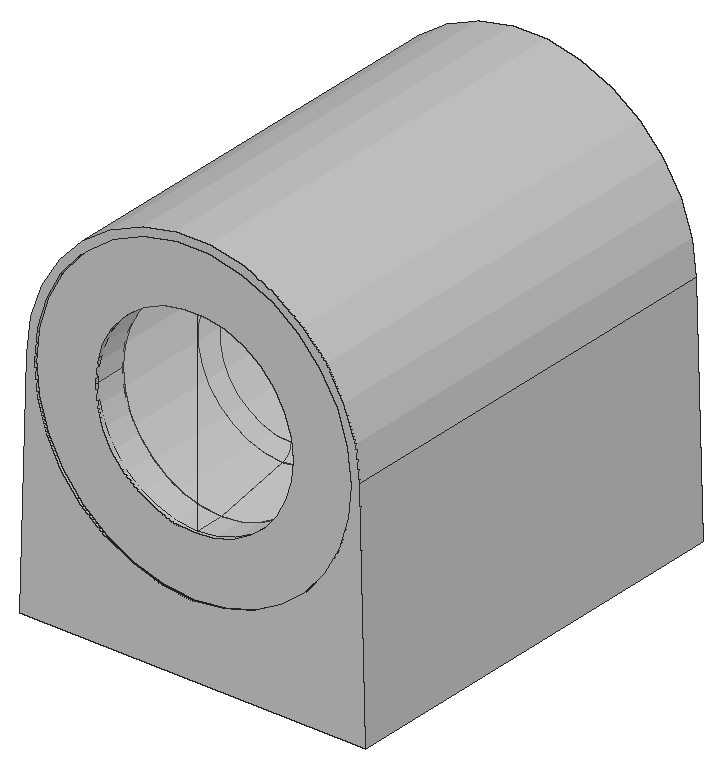
Revit family "Lighting_Outside_Nordlux_Canto-2_2", category Lighting Fixtures, host Face, Revit 2017
Family settings
  Host = Face
  Round Connector Dimension = Use Diameter
  Part Type = Normal
  OmniClass Number = 23.80.70.00
  OmniClass Title = Lighting
  Cut with Voids When Loaded = No
  Light Source = Yes
  Shared = No
  Room Calculation Point = No
Parameters (values of type "Canto 2 - stainless steel")
  Wattage = 3.36605 W
  WarrantyStartDate [instance] = "n/a"
  WarrantyGuarantorParts = "n/a"
  WarrantyGuarantorLabor = "n/a"
  WarrantyDurationUnit = "Hours"
  WarrantyDurationParts = "n/a"
  WarrantyDurationLabor = "n/a"
  WarrantyDescription = "n/a"
  built-in parameter 1150110 = 1 (stored number, unit not read)
  VersionDate = "30/08/2019"  # constant formula
  Version = "1"  # constant formula
  UsageCurrent = 0 A
  Uniclass2015Reference = "Pr_70_70_48_85"
  Uniclass2015Description = "Surface luminaires"
  Uniclass2 = "Pr_70_70_48_85"
  URL = "https://www.nordlux.com/products/product/49701034"
  Type Comments = ""
  TotalWattage = 6 W
  built-in parameter 1114217 = 1 (stored number, unit not read)
  Tilt Angle = 90.00°
  built-in parameter 1150109 = 1 (stored number, unit not read)
  built-in parameter 1150134 = (empty or 0)
  TagNumber [instance] = "n/a"
  SustainabilityPerformance = "n/a"
  built-in parameter 1150113 = 1 (stored number, unit not read)
  Socket = "LED Modul"
  Size = "85x105x100 mm"
  Shape = "Sculptured"
  SerialNumber [instance] = "n/a"
  Revision = "n/a"
  ReplacementCost = "n/a"
  RA = "80"
  ProductInformation = "Whether Canto 2.0 is placed indoors or outdoors, the lamp offers a unique lighting experience. The minimalist design makes the lamp both decorative and sculptural. The light flows both up and down, and with the three included pattern inserts, it is possible to change the light image according to desire and personal style."
  Product data url = "https://www.bimobject.com/nordlux/product/canto_2_wall"
  Photometric Web File = "7757 Canto Væg Hvid No mask.ies"
  PhaseReference = "n/a"
  PhaseAngle = 0.00°
  NumberOfSources = 0
  NumberOfPoles = 1
  built-in parameter 1150142 = "IESNA:LM-63-2002\r\n[TEST] Viso LabSpion - serial: 3247052577 sensor serial: 0408532695\r\n[TESTLAB] Viso LabSpion - serial: 3247052577 sensor serial: 0408532695 - Test lab\r\n[MANUFAC] Nordlux\r\n[ISSUEDATE] 04-06-2019\r\n[LUMINAIRE] 7757 Canto Væg Hvid No mask\r\n[LUMCAT] B2019137A\r\n[_SERIALNUMBER] VFR-190604-0342-MS\r\nTILT=NONE\r\n1 507 1 49 1 1 2 -0.05 -0.05 0.105\r\n1.0 1.0 9.28\r\n0 3.75 7.5 11.25 15 18.75 22.5 26.25 30 33.75 37.5 41.25 45 48.75 52.5 56.25 60 63.75 67.5 71.25 75 78.75 82.5 86.25 90 93.75 97.5 101.25 105 108.75 112.5 116.25 120 123.75 127.5 131.25 135 138.75 142.5 146.25 150 153.75 157.5 161.25\r\n 165 168.75 172.5 176.25 180\r\n0 \r\n137.5617 138.3003 139.3907 140.1546 140.0881 138.9877 139.8895 140.8041 140.1714 136.2723 117.5227 68.3958 33.6652 25.4271 19.3237 14.0922 10.4129 7.721 5.7489 4.3082 3.0718 1.8315 0.8048 0.4256 0.3665 0.41 0.8153 1.8892 3.1271 4.3138\r\n 5.7528 7.7601 10.4936 14.2345 19.4691 25.452 33.4808 66.2417 119.3705 136.4231 140.4421 141.0138 139.9872 139.2221 139.8901 139.9871 139.3014 138.4043 137.5617\r\n"
  NominalWidth = 87.1 mm
  NominalVoltageCalc = 0 V
  NominalVoltage = 230 V
  NominalLength = 106 mm
  NominalHeight = 100 mm
  NominalFrequencyRange = 50 Hz
  NominalCurrent = 0 A
  Name = "Nordlux_Canto-2_2"
  NBSReference = "90-60-50/405"
  NBSDescription = "General purpose luminaires"
  ModelReference = ArticleNumber  # "49701034"
  ModelNumber = "n/a"
  Model = "Canto 2 - stainless steel"
  Material = "Steel"
  ManufacturersSpecificInformation = "n/a"
  ManufacturerURL = "https://www.nordlux.com/"
  ManufacturerName = "Nordlux"
  Manufacturer = "Nordlux"
  MaintenanceFactor = 0
  built-in parameter 1150105 = 39.789 (stored number, unit not read)
  Lumens = 500 lm
  built-in parameter 1150115 = 1 (stored number, unit not read)
  LightSource = "Included"
  LightFixturePlacingType = "Wall"
  LightFixtureMountingType = "Surface"
  LightFixtureMainMaterial = Stainless steel
  built-in parameter 1150137 = (empty or 0)
  built-in parameter 1150139 = (empty or 0)
  LensMaterial = Glass
  built-in parameter 1150112 = 1 (stored number, unit not read)
  built-in parameter 1150114 = 1 (stored number, unit not read)
  InsulationStandardClass = "Class 1 (Earth contact)"
  InstallationDate [instance] = "n/a"
  built-in parameter 1150132 = 2
  built-in parameter 1150102 = (empty or 0)
  built-in parameter 1150107 = 2700 (stored number, unit not read)
  built-in parameter 1150138 = (empty or 0)
  built-in parameter 1150106 = 0.39789 (stored number, unit not read)
  IfcExportType = "NOTDEFINED"  # constant formula
  IfcExportAs = "IfcLightFixtureType"  # constant formula
  IP_Code = "IP44"
  HasProtectiveEarth = no
  Grade = "n/a"
  Finish = "n/a"
  Features = "Parallel connection possible"
  ExpectedLife = "25000"
  EnergyClass = "A+"
  Emit from Circle Diameter = 50 mm
  Emit Shape Visible in Rendering = no
  ElectricalDeviceNominalPower = 0
  built-in parameter 1150104 = 13.8 (stored number, unit not read)
  EANNumber = "5701581482784"
  DurationUnit = "Hours"
  Dimming Lamp Color Temperature Shift = <None>
  Designer = "Bonnelycke MDD"
  Description = "Whether Canto 2.0 is placed indoors or outdoors, the lamp offers a unique lighting experience. The minimalist design makes the lamp both decorative and sculptural. The light flows both up and down, and with the three included pattern inserts, it is possible to change the light image according to desire and personal style."
  Default Elevation = 0 mm
  ConvergoRefNr = "0143-1909-0045-DK"
  Constituents = "n/a"
  Color Filter = 16777215
  Color = "Grey"
  CodePerformance = "n/a"
  Category = "Outdoor lighting"
  Brand = "Nordlux"
  Barcode [instance] = "n/a"
  built-in parameter 1114218 = 1 (stored number, unit not read)
  BIMObjectName = "Lighting_Outside_Nordlux_Canto-2_2"
  Author = "Convergo AB"  # constant formula
  built-in parameter 1150133 = 10 (stored number, unit not read)
  AssetType = "Fixed"
  AssetIdentifier [instance] = "n/a"
  ArticleNumber = "49701034"
  AccessibilityPerformance = "n/a"
Types (7, lengths in mm): name | URL | ModelReference | Model | Material | LightFixtureMainMaterial | Finish | EANNumber | Color | ArticleNumber
  (no name) | "https://www.nordlux.com/products/product/49701034" | "49701034" | "Canto 2 - stainless steel" | "Steel" | Stainless steel | "n/a" | "5701581482784" | "Grey" | "49701034"
  Canto 2 - black | "https://www.nordlux.com/products/product/49701003" | "49701003" | "Canto 2 - black" | "Aluminium" | Black | "n/a" | "5701581482487" | "Black" | "49701003"
  Canto 2 - white | "https://www.nordlux.com/products/product/49701001" | "49701001" | "Canto 2 - white" | "Aluminium" | White | "n/a" | "5701581482388" | "White" | "49701001"
  Canto 2 - brass | "https://www.nordlux.com/products/product/49701035" | "49701035" | "Canto 2 - brass" | "Brass" | Brass | "n/a" | "5701581482883" | "Brass" | "49701035"
  Canto 2 - stainless steel | "https://www.nordlux.com/products/product/49701034" | "49701034" | "Canto 2 - stainless steel" | "Steel" | Stainless steel | "n/a" | "5701581482784" | "Grey" | "49701034"
  Canto 2 - galvanized steel | "https://www.nordlux.com/products/product/49701031" | "49701031" | "Canto 2 - galvaznied steel" | "Steel" | Steel, Galvanized | "Galvanized steel" | "5701581482685" | "Grey" | "49701031"
  Canto 2 - grey | "https://www.nordlux.com/products/product/49701010" | "49701010" | "Canto 2 - grey" | "Aluminium" | Grey | "n/a" | "5701581482586" | "Grey" | "49701010"
Reference planes
  plane 1 "Center (Front/Back)": y = 0
  plane 2: z = 0
  plane 3 "Center (Left/Right)": x = 0
  plane 4: y = 53
  plane 5: y = -53
  plane 6: z = 100
  plane 7: x = 43.55
  plane 8: x = -43.55
Dimensions and locks
  equal spacing: plane 8, plane 3 "Center (Left/Right)", plane 7
  equal spacing: plane 4, plane 1 "Center (Front/Back)", plane 5
  "NominalLength": plane 4 to plane 5
  "NominalWidth": plane 8 to plane 7
  "NominalHeight": plane 6 to level
  aligned and locked: plane 2 to host face
  aligned and locked: level to host face
Automatic sketch dimensions
  host sketch curve to host sketch curve = 2438.4 mm  (x2)
Nested families
  nested 1: "Canto 2" at (0, 0, 0), Main <- "LightFixtureMainMaterial", type "Canto 2"
    with Main Stainless steel
Connectors
  electrical at (0, 0, 0.001), driven by "NominalVoltage"
    settings: on nested 1, index 1, voltage 230 V, apparent load 0 VA, apparent load phase1 0 VA, apparent load phase2 0 VA, apparent load phase3 0 VA, power factor 1, load classification "Other", number of poles 1, system type 31, power factor state 1, is connector primary yes, connector utility no, sub classification motor no, connector description ""
Definition of nested family "Canto 2"
  Parameters (values of type "Canto 2")
    Main [instance] = none
    Default Elevation = 1219.2 mm
  Reference planes
    plane 1 "Center (Front/Back)": y = 0
    plane 2: z = 0
    plane 3 "Center (Left/Right)": x = 0
    plane 4: x = -43.519
    plane 5: x = 43.519
    plane 6: z = 100
    plane 7: y = -53
    plane 8: y = 53
  Forms (mm)
    Extrusion 1, solid
      sketch origin (0, 0, 0) x (1, 0, 0) y (0, 1, 0)
        loop
          line (-1219.2, 1219.2) -> (-1219.2, -1219.2) -> (1219.2, -1219.2) -> (1219.2, 1219.2) -> (-1219.2, 1219.2)
      from 0 to -304.8
    Extrusion 2, solid, material <- "Main", detail levels medium+fine
      sketch origin (0, 0, 0) x (1, 0, 0) y (0, 0, 1)
        loop
          line (-42.011, 59.075) -> (-43.558, 0.001) -> (43.558, 0.001) -> (42.011, 59.075)
          arc (42.011, 59.075) -> (0, 100) -> (-42.011, 59.075) r 42.026
        loop
          circle (0, 58.024) r 39.948
      from -53 to 53
    Extrusion 3, solid, material <- "Main", detail levels medium+fine
      sketch origin (0, 0, 0) x (1, 0, 0) y (0, 0, 1)
        loop
          circle (0, 58.024) r 39.948
        loop
          circle (0, 58.024) r 25
      from 43.999 to 52.5
    Extrusion 4, solid, material <- "Main", detail levels medium+fine
      sketch origin (0, 0, 0) x (1, 0, 0) y (0, 0, -1)
        loop
          circle (0, -58.024) r 39.948
        loop
          circle (0, -58.024) r 25
      from 43.999 to 52.5
    Revolve 5, solid, detail levels medium+fine
      sketch origin (0, 0, 0) x (0, 1, 0) y (0, 0, 1)
        loop
          arc (-22, 76.039) -> (-22.751, 78.129) -> (-24.659, 79.265) r 3.286
          line (-24.659, 79.265) -> (-43.999, 83.024) -> (-51.522, 83.024) -> (-51.522, 58.024) -> (-22, 58.024) -> (-22, 76.039)
        axis (-51.522, 58.024) -> (-22, 58.024)
      angle from 0 to 360
    Revolve 6, solid, detail levels medium+fine
      sketch origin (0, 0, 0) x (0, -1, 0) y (0, 0, 1)
        loop
          arc (-22, 76.039) -> (-22.751, 78.129) -> (-24.659, 79.265) r 3.286
          line (-24.659, 79.265) -> (-43.999, 83.024) -> (-51.522, 83.024) -> (-51.522, 58.024) -> (-22, 58.024) -> (-22, 76.039)
        axis (-51.522, 58.024) -> (-22, 58.024)
      angle from 0 to 360
    Extrusion 7, solid, material <- "Main", detail levels coarse
      sketch origin (0, 0, 0) x (1, 0, 0) y (0, 1, 0)
        loop
          line (-43.558, 53) -> (-43.558, -53) -> (43.558, -53) -> (43.558, 53) -> (-43.558, 53)
      from 0 to 100
  Lines and regions (mm)
    symbolic lines, detail levels medium+fine
      curve 1: line (-43.519, 53, 0) -> (43.519, 53, 0)
      curve 2: line (-43.519, -53, 0) -> (-43.519, 53, 0)
      curve 3: line (43.519, -53, 0) -> (-43.519, -53, 0)
      curve 4: line (43.519, 53, 0) -> (43.519, -53, 0)
      curve 5: line (0, 53, 100) -> (0, -53, 100)
      curve 6: line (0, 53, 0) -> (0, 53, 100)
      curve 7: line (0, -53, 0) -> (0, 53, 0)
      curve 8: line (0, -53, 100) -> (0, -53, 0)
      curve 9: line (-42.011, 0, 59.075) -> (-43.558, 0, 0.001)
      curve 10: line (43.558, 0, 0.001) -> (42.011, 0, 59.075)
      curve 11: arc (42.011, 0, 59.075) -> (0, 0, 100) -> (-42.011, 0, 59.075) r 42.026
    symbolic lines, detail levels fine
      curve 12: circle (0, 0, 58.024) r 25 normal (0, -1, 0)
      curve 13: circle (0, 0, 58.024) r 39.948 normal (0, -1, 0)
  Dimensions and locks
    aligned and locked: plane 2 to Extrusion 1
    aligned and locked: level to Extrusion 1
